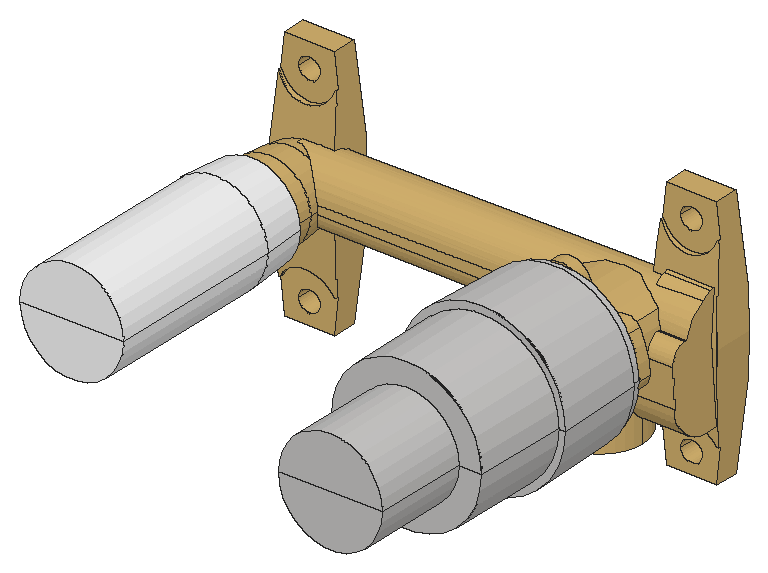
Revit family "Rough_In_Valve-GROHE-33780000", category Pipe Accessories, Revit 2014
Parameters (values of type "33780000")
  Width = 6 3/16"
  Waste Connection = no
  Warranty Information = "Limited Lifetime Warranty"
  WFU = 4
  Vent Connection = no
  URL = "https://www.grohe.us"
  Tempered Water Connection Diameter = 1/2"
  Product Page URL = "https://www.grohe.us/en_us/concealed-body-for-ohm-single-lever-mixer-1-2-concealed-body-33780000.html"
  Price = "Prices may vary. Please consult Manufacturer Representative for most up-to-date price list."  # constant formula
  Model = "33780000"
  Material = "Copper-Grohe-000-Brass"
  Manufacturer = "GROHE"
  Length = 1 3/4"
  Hot Water Connection Diameter = 1/2"
  Height = 3 3/8"
  HWFU = 3
  HW Connection = yes
  Flow Rate = "2.2 gpm at 60 psi (8.3 L/min)"
  Description = "Single-lever mixer 1/2\", concealed body"
  Default Elevation = 0"
  Creation Date = "2017/05/16"  # constant formula
  Cold Water Connection Diameter = 1/2"
  CWFU = 2
  CW Connection = yes
  Assembly Code = "D2020"
Reference planes (in)
  plane 1 "Center (Front/Back)": y = 0
  plane 2: z = 0
  plane 3 "Center (Left/Right)": x = 0
  plane 4: x = 4.3125
  plane 5: z = 1.29687
  plane 6: z = -1.45313
  plane 7: z = 1.625
  plane 8: z = -1.75
  plane 9: x = -58.06112
Forms (in)
  Revolve 1, solid, material "Copper-Grohe-000-Brass"
    sketch origin (0, 0, 0) x (1, 0, 0) y (0, 1, 0)
      loop
        line (0, -1.6995) -> (0, -0.39124) -> (-0.37206, -0.39124) -> (-0.46842, -0.45871) -> (-0.51788, -0.73919)
        arc (-0.51788, -0.73919) -> (-0.53915, -0.90077) -> (-0.54626, -1.06359) r 1.86818
        line (-0.54626, -1.06359) -> (-0.54626, -1.6995) -> (0, -1.6995)
      axis (0, -0.39124) -> (0, -1.6995)
    angle from 0 to 360
  Revolve 2, solid, material "Metal-Grohe-Stainless Steel"
    sketch origin (0, 0, 0) x (1, 0, 0) y (0, 1, 0)
      loop
        line (4.3125, -5.43722) -> (4.3125, -1.64268) -> (3.28582, -1.64268) -> (3.28582, -1.76442) -> (3.25107, -1.76442) -> (3.21, -2.94034) -> (3.30677, -2.94034) -> (3.32105, -4.18554) -> (3.62642, -4.18554) -> (3.62642, -5.43722) -> (4.3125, -5.43722)
      axis (4.3125, -5.43722) -> (4.3125, -1.64268)
    angle from 0 to 360
  Extrusion 3, solid, material "Copper-Grohe-000-Brass"
    sketch origin (0, 0, 0) x (1, 0, 0) y (0, 0, 1)
      loop
        arc (4.05518, 0.79227) -> (3.8687, 0.70431) -> (3.70887, 0.57405) r 0.85034
        arc (3.70887, 0.57405) -> (3.54891, 0.61134) -> (3.41277, 0.51946) r 0.20537
        arc (3.41277, 0.51946) -> (3.3034, 0.27039) -> (3.27358, 0) r 0.89854
        arc (3.27358, 0) -> (3.35023, -0.15232) -> (3.5081, -0.21678) r 0.24302
        arc (3.5081, -0.21678) -> (3.70607, -0.57636) -> (4.05518, -0.79227) r 0.80797
        arc (4.05518, -0.79227) -> (4.3125, -1.04959) -> (4.56982, -0.79227) r 0.25732
        arc (4.56982, -0.79227) -> (4.91805, -0.57553) -> (5.1169, -0.21678) r 0.81624
        arc (5.1169, -0.21678) -> (5.27565, -0.15327) -> (5.35142, 0) r 0.23916
        arc (5.35142, 0) -> (5.31442, 0.26746) -> (5.21154, 0.51711) r 1.06845
        arc (5.21154, 0.51711) -> (5.07684, 0.61381) -> (4.91572, 0.57461) r 0.19862
        arc (4.91572, 0.57461) -> (4.75629, 0.70493) -> (4.56982, 0.79227) r 0.83487
        arc (4.56982, 0.79227) -> (4.3125, 1.04959) -> (4.05518, 0.79227) r 0.25732
    from 1.47325 to 1.64659
  Extrusion 4, solid, material "Copper-Grohe-000-Brass"
    sketch origin (0, 0, 0) x (0, 1, 0) y (0, 0, 1)
      loop
        line (-0.39205, 1.58778) -> (-0.39205, 1.14938) -> (-0.42788, 1.14938)
        arc (-0.42788, 1.14938) -> (-0.52979, -0.07191) -> (-0.42788, -1.29321) r 7.36893
        line (-0.42788, -1.29321) -> (-0.39205, -1.29321) -> (-0.39205, -1.7642) -> (-0.08321, -1.7642)
        arc (-0.08321, -1.7642) -> (0.00023, -0.08821) -> (-0.08321, 1.58778) r 16.87335
        line (-0.08321, 1.58778) -> (-0.39205, 1.58778)
    from -0.85013 to 0.80271
  Extrusion 5, void
    sketch origin (0, 0, 0) x (1, 0, 0) y (0, 0, 1)
      loop
        line (-0.30122, 1.84687) -> (-1.20495, 1.84687) -> (-1.20495, -2.15313) -> (-0.28339, -2.15313)
        arc (-0.28339, -2.15313) -> (-0.42906, -0.15373) -> (-0.30122, 1.84687) r 14.69372
      loop
        arc (0.29809, 1.84687) -> (0.43833, -0.15386) -> (0.2785, -2.15313) r 13.40531
        line (0.2785, -2.15313) -> (1.04505, -2.15313) -> (1.04505, 1.84687) -> (0.29809, 1.84687)
      loop
        circle (0, 1.27023) r 0.14243
      loop
        circle (0, -1.47977) r 0.14243
    from -0.19331 to 0.57853
  Extrusion 6, void
    sketch origin (0, 0, 0) x (1, 0, 0) y (0, 0, 1)
      loop
        arc (-0.37699, 1.14938) -> (-0.00199, 0.88188) -> (0.37301, 1.14938) r 0.3966
        line (0.37301, 1.14938) -> (0.37301, 1.82233) -> (-0.37699, 1.82233) -> (-0.37699, 1.14938)
      loop
        line (-0.37699, -1.33688) -> (-0.37699, -2.00983) -> (0.37301, -2.00983) -> (0.37301, -1.33688)
        arc (0.37301, -1.33688) -> (-0.00199, -1.06938) -> (-0.37699, -1.33688) r 0.3966
    from 0.39124 to 0.56484
  Extrusion 7, solid, material "Copper-Grohe-000-Brass"
    sketch origin (5.03778, 0, 0) x (0, 1, 0) y (0, 0, 1)
      loop
        line (-0.39205, 1.58778) -> (-0.39205, 1.14938) -> (-0.42788, 1.14938)
        arc (-0.42788, 1.14938) -> (-0.52979, -0.07191) -> (-0.42788, -1.29321) r 7.36893
        line (-0.42788, -1.29321) -> (-0.39205, -1.29321) -> (-0.39205, -1.7642) -> (-0.08321, -1.7642)
        arc (-0.08321, -1.7642) -> (0.00023, -0.08821) -> (-0.08321, 1.58778) r 16.87335
        line (-0.08321, 1.58778) -> (-0.39205, 1.58778)
    from -0.85013 to 0.80271
  Extrusion 8, void
    sketch origin (5.03778, 0, 0) x (1, 0, 0) y (0, 0, 1)
      loop
        line (-0.30122, 1.84687) -> (-1.20495, 1.84687) -> (-1.20495, -2.15313) -> (-0.28339, -2.15313)
        arc (-0.28339, -2.15313) -> (-0.42906, -0.15373) -> (-0.30122, 1.84687) r 14.69372
      loop
        arc (0.29809, 1.84687) -> (0.43833, -0.15386) -> (0.2785, -2.15313) r 13.40531
        line (0.2785, -2.15313) -> (1.04505, -2.15313) -> (1.04505, 1.84687) -> (0.29809, 1.84687)
      loop
        circle (0, 1.27023) r 0.14243
      loop
        circle (0, -1.47977) r 0.14243
    from -0.19331 to 0.57853
  Extrusion 9, void
    sketch origin (5.03778, 0, 0) x (1, 0, 0) y (0, 0, 1)
      loop
        arc (-0.37699, 1.14938) -> (-0.00199, 0.88188) -> (0.37301, 1.14938) r 0.3966
        line (0.37301, 1.14938) -> (0.37301, 1.82233) -> (-0.37699, 1.82233) -> (-0.37699, 1.14938)
      loop
        line (-0.37699, -1.33688) -> (-0.37699, -2.00983) -> (0.37301, -2.00983) -> (0.37301, -1.33688)
        arc (0.37301, -1.33688) -> (-0.00199, -1.06938) -> (-0.37699, -1.33688) r 0.3966
    from 0.39124 to 0.56484
  Extrusion 10, solid, material "Copper-Grohe-000-Brass"
    sketch origin (0, 0, 0) x (1, 0, 0) y (0, 0, 1)
      loop
        arc (3.65265, 0.38026) -> (4.3125, -0.76158) -> (4.97235, 0.38026) r 0.76158
        arc (4.97235, 0.38026) -> (4.3125, 0.55984) -> (3.65265, 0.38026) r 1.30208
    from 0.61345 to 1.64659
  Extrusion 11, solid, material "Copper-Grohe-000-Brass"
    sketch origin (0, 0, 0) x (0, 1, 0) y (0, 0, 1)
      loop
        arc (-1.14623, -0.52944) -> (-0.98063, -0.88583) -> (-0.61548, -1.03108) r 0.5316
        line (-0.61548, -1.03108) -> (-0.39259, -1.03108) -> (-0.39259, 0.67212) -> (-0.5443, 0.61083)
        arc (-0.5443, 0.61083) -> (-0.7043, 0.48127) -> (-0.76449, 0.28438) r 0.35208
        line (-0.76449, 0.28438) -> (-0.76449, 0.19602) -> (-0.96592, 0.19602)
        arc (-0.96592, 0.19602) -> (-1.11791, 0.13054) -> (-1.17471, -0.02489) r 0.20912
        line (-1.17471, -0.02489) -> (-1.14623, -0.52944)
    from 4.79908 to 5.41023
  Extrusion 12, solid, material "Copper-Grohe-000-Brass"
    sketch origin (0, 0, 0) x (1, 0, 0) y (0, 1, 0)
      loop
        circle (3.98917, -0.62127) r 0.58546
    from -1.45057 to 0.19602
  Blend 13, solid, material "Copper-Grohe-000-Brass"
    base sketch origin (0, 0, 0) x (0, 1, 0) y (0, 0, 1)
      loop
        line (-0.11761, -0.03348) -> (-0.11761, 0.14769)
        arc (-0.11761, 0.14769) -> (-0.52844, 0.55852) -> (-0.93926, 0.14769) r 0.41082
        line (-0.93926, 0.14769) -> (-0.93926, -0.03168)
        arc (-0.93926, -0.03168) -> (-0.85668, -0.23105) -> (-0.65731, -0.31364) r 0.28196
        line (-0.65731, -0.31364) -> (-0.39777, -0.31364)
        arc (-0.39777, -0.31364) -> (-0.19967, -0.23158) -> (-0.11761, -0.03348) r 0.28015
    top sketch origin (0, 0, 0) x (0, 1, 0) y (0, 0, 1)
      loop
        line (-0.11761, -0.03348) -> (-0.11761, 0.08329)
        arc (-0.11761, 0.08329) -> (-0.52844, 0.49411) -> (-0.93926, 0.08329) r 0.41082
        line (-0.93926, 0.08329) -> (-0.93926, -0.03168)
        arc (-0.93926, -0.03168) -> (-0.85668, -0.23105) -> (-0.65731, -0.31364) r 0.28196
        line (-0.65731, -0.31364) -> (-0.39777, -0.31364)
        arc (-0.39777, -0.31364) -> (-0.19967, -0.23158) -> (-0.11761, -0.03348) r 0.28015
    from 5.41079 to 0
  Revolve 14, solid, material "Plastic-Grohe-White"
    sketch origin (0, 0, 0) x (1, 0, 0) y (0, 1, 0)
      loop
        line (0, -4.3125) -> (0, -1.35292) -> (-0.63996, -1.35292) -> (-0.68106, -1.94062) -> (-0.68106, -4.3125) -> (0, -4.3125)
      axis (0, -1.35292) -> (0, -4.3125)
    angle from 0 to 360
Cuts and joins
  Extrusion 5, Extrusion 6, Extrusion 8, Extrusion 9 cuts Extrusion 4
  Extrusion 8, Extrusion 9 cuts Extrusion 7
  joined: Extrusion 3, Extrusion 4, Extrusion 7, Extrusion 10, Extrusion 11, Blend 13
  Extrusion 8 cuts Revolve 1
Lines and regions (in)
  Masking region 1
    outline origin (0, 0, 0) x (1, 0, 0) y (0, 1, 0)
      loop
        line (0.68106, -4.3125) -> (0.68106, -1.94062) -> (0.63996, -1.35292) -> (0.54907, -1.35292)
        arc (0.54907, -1.35292) -> (0.54608, -1.14592) -> (0.53375, -0.93926) r 4.58406
        line (0.53375, -0.93926) -> (3.12395, -0.93926)
        arc (3.12395, -0.93926) -> (3.42556, -1.06419) -> (3.55049, -1.3658) r 0.42654
        line (3.55049, -1.3658) -> (3.55049, -1.4744) -> (3.28582, -1.4744) -> (3.28582, -1.76442) -> (3.25107, -1.76442) -> (3.21, -2.94034) -> (3.30677, -2.94034) -> (3.32105, -4.18554) -> (3.62642, -4.18554) -> (3.62642, -5.43722) -> (4.99858, -5.43722) -> (4.99858, -4.18554) -> (5.30395, -4.18554) -> (5.31823, -2.94034) -> (5.415, -2.94034) -> (5.37393, -1.76442) -> (5.33918, -1.76442) -> (5.33918, -1.4744) -> (5.0731, -1.4744) -> (5.0731, -1.17505) -> (5.41023, -1.17505) -> (5.41023, -0.52583) -> (5.47637, -0.52583) -> (5.47637, 0) -> (4.61033, 0) -> (4.61033, -0.11761) -> (4.28767, -0.11761)
        arc (4.28767, -0.11761) -> (3.98917, -0.0358) -> (3.69068, -0.11761) r 0.58546
        line (3.69068, -0.11761) -> (0.43957, -0.11761) -> (0.43957, 0) -> (-0.42786, 0) -> (-0.42786, -0.42924) -> (-0.46842, -0.45871)
        arc (-0.46842, -0.45871) -> (-0.53069, -0.90384) -> (-0.54907, -1.35292) r 4.58406
        line (-0.54907, -1.35292) -> (-0.63996, -1.35292) -> (-0.68106, -1.94062) -> (-0.68106, -4.3125) -> (0.68106, -4.3125)
  symbolic lines, detail levels medium+fine
    curve 1: arc (0.53375, -0.93926, 0) -> (0.5103, -0.69773, 0) -> (0.46842, -0.45871, 0) r 3.1675
    curve 4: arc (4.54291, -0.61345, 0) -> (4.74993, -0.75165, 0) -> (4.97234, -0.86339, 0) r 2.02485
    curve 5: arc (4.97234, -0.86339, 0) -> (5.00636, -0.90385, 0) -> (5.04842, -0.93588, 0) r 0.23977
    curve 6: arc (5.04842, -0.93588, 0) -> (5.05042, -1.05653, 0) -> (5.0731, -1.17505, 0) r 0.7006
  symbolic lines, style "PlumbingFixtures", detail levels medium+fine
    curve 2: line (0.46842, -0.45871, 0) -> (0.39405, -0.39631, 0)
    curve 3: line (0.43957, -0.11761, 0) -> (0.43957, -0.4345, 0)
    curve 7: line (4.60868, -0.11761, 0) -> (4.60868, -0.52701, 0)
    curve 8: line (4.60868, -0.52701, 0) -> (4.79778, -0.52701, 0)
    curve 9: line (4.79778, -0.52701, 0) -> (4.79778, -0.77864, 0)
  symbolic lines, style "PlumbingFixtures", detail levels fine
    curve 10: line (3.55049, -1.4744, 0) -> (5.0731, -1.4744, 0)
    curve 11: line (4.97235, -1.4744, 0) -> (4.97235, -0.86341, 0)
    curve 12: line (4.79778, -0.52701, 0) -> (4.79778, -0.46824, 0)
    curve 13: line (4.79778, -0.46824, 0) -> (5.41023, -0.46824, 0)
    curve 14: line (5.41023, -0.52583, 0) -> (5.41023, -0.46824, 0)
    curve 15: line (-0.54907, -1.35292, 0) -> (0.54907, -1.35292, 0)
    curve 16: line (-0.68106, -1.94062, 0) -> (0.68106, -1.94062, 0)
    curve 17: line (-0.42786, -0.42924, 0) -> (-0.37206, -0.39124, 0)
    curve 18: line (-0.37206, -0.39124, 0) -> (0.37301, -0.39124, 0)
    curve 19: line (0.37301, -0.39124, 0) -> (0.43957, -0.4345, 0)
    curve 20: line (3.69068, -0.11761, 0) -> (4.28767, -0.11761, 0)
    curve 21: line (3.28582, -1.76442, 0) -> (5.33918, -1.76442, 0)
    curve 22: line (3.30677, -2.94034, 0) -> (5.31823, -2.94034, 0)
    curve 23: line (3.62642, -4.18554, 0) -> (4.99858, -4.18554, 0)
    curve 24: line (3.55027, -1.35219, 0) -> (3.55027, -0.9381, 0)
    curve 27: line (4.05166, -0.61345, 0) -> (4.54291, -0.61345, 0)
    curve 28: line (3.65265, -1.4744, 0) -> (3.65265, -0.85173, 0)
  symbolic lines, detail levels fine
    curve 25: arc (3.55027, -0.9381, 0) -> (3.61302, -0.90861, 0) -> (3.65265, -0.85173, 0) r 0.13408
    curve 26: arc (3.65265, -0.85173, 0) -> (3.86044, -0.74648, 0) -> (4.05166, -0.61345, 0) r 1.67738
Dimensions and locks (in)
  plane 3 "Center (Left/Right)" to plane 4 = 4 5/16"
  locked: plane 5 to level at 1.29688
  locked: level to plane 6 at 1.45313
  locked: plane 7 to level at 1.625
  locked: level to plane 8 at 1.75
Connectors (in)
  piping at (0, -1.6995, 0), diameter 0.5, driven by "Tempered Water Connection Diameter"
    settings: on cut or joined group of Revolve 1, Extrusion 8, index 1, connector inside diameter 24", connector length 0", flow factor 0, pipe flow 0 GPM, pressure drop 0.00 psi, fitting loss kfactor 0, connector angle 0.00°, fixture units 0, engagement length 0", angle of deflection 0.00°, flow configuration 0, flow direction 2, fitting loss method 0, system type 29, joint type 0, gender type 0, connector reference index -1, connector utility 0, adjustable connector no, is connector primary yes, connector description "1/2\" NPT Supply Outlet"
  piping at (3.98917, -0.62127, -1.45057), diameter 0.5, driven by "Hot Water Connection Diameter"
    settings: on Extrusion 12, index 2, connector inside diameter 24", connector length 0", flow factor 0, pipe flow 0 GPM, pressure drop 0.00 psi, fitting loss kfactor 0, connector angle 0.00°, fixture units 0, engagement length 0", angle of deflection 0.00°, flow configuration 0, flow direction 1, fitting loss method 0, system type 19, joint type 0, gender type 0, connector reference index -1, connector utility 0, adjustable connector no, is connector primary no, connector description "1/2\" NPT HW Inlet"
  piping at (5.41023, -0.77812, -0.04949), diameter 0.5, driven by "Cold Water Connection Diameter"
    settings: on cut or joined group of Extrusion 3, Extrusion 4, Extrusion 5, Extrusion 6, Extrusion 7, Extrusion 8, Extrusion 9, Extrusion 10, Extrusion 11, Blend 13, index 3, connector inside diameter 24", connector length 0", flow factor 0, pipe flow 0 GPM, pressure drop 0.00 psi, fitting loss kfactor 0, connector angle 0.00°, fixture units 0, engagement length 0", angle of deflection 0.00°, flow configuration 0, flow direction 1, fitting loss method 0, system type 20, joint type 0, gender type 0, connector reference index -1, connector utility 0, adjustable connector no, is connector primary no, connector description "1/2\" NPT HW Inlet"
